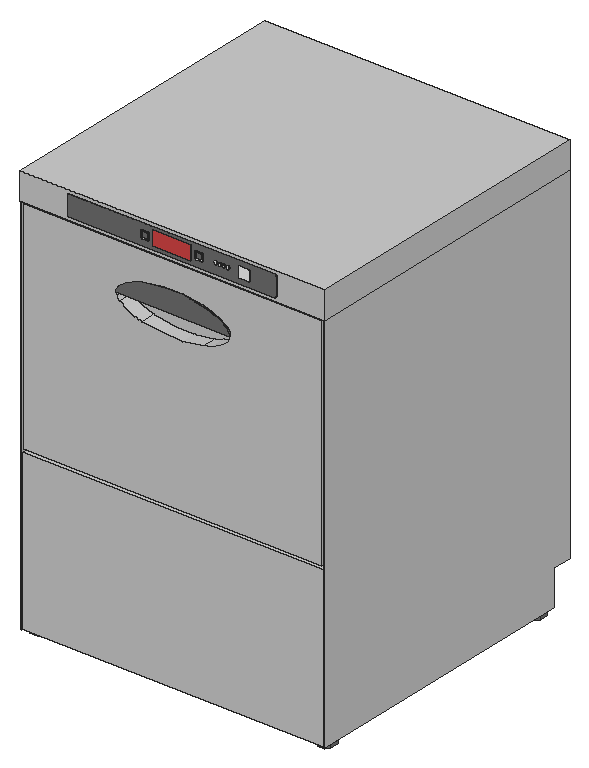
Revit family "QF_COMENDA_6F030X_DDPS_DR_DRDDPS_CAT", category Attrezzature speciali, Revit 2021
Family settings
  Quota connettore circolare = Usa diametro
  Tipo di parte = Normale
  Numero OmniClass = 23.40.40.14
  Titolo OmniClass = Food Service Equipment
  Basato su piano di lavoro = No
  Sempre verticale = Sì
  Taglio con vuoti quando caricato = No
  Condiviso = No
  Punto di calcolo locali = No
Parameters (values of type "6F0304DRDDPS")
  URL catalogo = "https://comenda.eu/wp-content/uploads/2024/02/Scheda-tecnica-PF45-RA-DR_09.08.23_ENG.pdf"
  URL = "www.comenda.eu"
  Tensione = 400 V
  Temperatura raccomandata per acqua calda = 50 °C
  Stand feet kit = no
  Show Logo [instance] = yes
  Show Clearance [instance] = yes
  Protezione contro le sovracorrenti = 16 A
  Prospetto di default = 0 mm
  Profondità = 605 mm
  Pressione minima acqua calda = 2000.0 Pa
  Potenza elettrica = 5450 W
  Peso netto = 58.00 kg
  Numero dei poli = 3
  Keynote = ""
  Modello = "PF45 RA DR+"
  Produttore = "COMENDA"
  Lunghezza = 600 mm
  HEIGHT FROM THE FLOOR = 0 mm
  Frequenza = 50 Hz
  Fase = 3
  Diametro raccordo acqua calda = 3/4"
  Diametro dello scarico diretto di acqua = 1 3/8"
  Descrizione = "MULTIPOWER DOUBLE RACK DISHWASHER WITH RCD, WATER SOFTENER, DRAIN PUMP, DETERGENT DOSING PUMP"
  Corrente di funzionamento normale = 11 A
  Assembly Code = ""
  Base stand with door = no
  Altezza dello scarico diretto acqua da pavimento finito = 55 mm
  Altezza da terra raccordo acqua calda = 55 mm
  Altezza allacciamento elettrico da pavimento finito = 55 mm
  Altezza = 820 mm
Types (15, lengths in mm): name | URL catalogo | Modello | Descrizione
  6F0300 | "" | "PF45" | "MULTIPOWER DISHWASHER"
  6F0301 | "" | "PF45 R" | "MULTIPOWER DISHWASHER WITH RCD"
  6F0304 | "" | "PF45 RA" | "MULTIPOWER DISHWASHER WITH RCD, WATER SOFTENER"
  6F0301DR | "" | "PF45 R DR" | "MULTIPOWER DOUBLE RACK DISHWASHER WITH RCD"
  6F0304DR | "" | "PF45 RA DR" | "MULTIPOWER DOUBLE RACK DISHWASHER WITH RCD AND WATER SOFTENER"
  6F0300DDPS | "https://comenda.eu/wp-content/uploads/2024/02/Scheda-tecnica-PF45-_09.08.23_ENG.pdf" | "PF45+" | "MULTIPOWER DISHWASHER WITH DRAIN PUMP, DETERGENT DOSING PUMP"
  6F0301DDPS | "https://comenda.eu/wp-content/uploads/2024/02/Scheda-tecnica-PF45-R_09.08.23_ENG.pdf" | "PF45 R+" | "MULTIPOWER DISHWASHER WITH RCD, DRAIN PUMP, DETERGENT DOSING PUMP"
  6F0301DRDDPS | "https://comenda.eu/wp-content/uploads/2024/02/Scheda-tecnica-PF45-R-DR_09.08.23_ENG.pdf" | "PF45 R DR+" | "MULTIPOWER DOUBLE RACK DISHWASHER WITH RCD, DRAIN PUMP, DETERGENT DOSING PUMP"
  6F0304DDPS | "https://comenda.eu/wp-content/uploads/2024/02/Scheda-tecnica-PF45-RA_09.08.23_ENG.pdf" | "PF45 RA+" | "MULTIPOWER DISHWASHER WITH RCD, WATER SOFTENER, DRAIN PUMP, DETERGENT DOSING PUMP"
  6F0304DRDDPS | "https://comenda.eu/wp-content/uploads/2024/02/Scheda-tecnica-PF45-RA-DR_09.08.23_ENG.pdf" | "PF45 RA DR+" | "MULTIPOWER DOUBLE RACK DISHWASHER WITH RCD, WATER SOFTENER, DRAIN PUMP, DETERGENT DOSING PUMP"
  6F0300DD | "https://comenda.eu/wp-content/uploads/2024/02/Scheda-tecnica-PF45-DD_09.08.23_ENG.pdf" | "PF45 DD" | "MULTIPOWER DISHWASHER, WITH DETERGENT DOSING PUMP"
  6F0301DD | "https://comenda.eu/wp-content/uploads/2024/02/Scheda-tecnica-PF45-R-DD_09.08.23_ENG.pdf" | "PF45 R DD" | "MULTIPOWER DISHWASHER WITH RCD AND DETERGENT DOSING PUMP"
  6F0304DD | "https://comenda.eu/wp-content/uploads/2024/02/Scheda-tecnica-PF45-RA-DD_09.08.23_ENG.pdf" | "PF45 RA DD" | "MULTIPOWER DISHWASHER WITH RCD, WATER SOFTENER AND DETERGENT DOSING PUMP"
  6F0301DRDD | "https://comenda.eu/wp-content/uploads/2024/02/Scheda-tecnica-PF45-R-DR-DD_09.08.23_ENG.pdf" | "PF45 R DR DD" | "MULTIPOWER DOUBLE RACK DISHWASHER WITH RCD AND"
  6F0304DRDD | "https://comenda.eu/wp-content/uploads/2024/02/Scheda-tecnica-PF45-RA-DR-DD_09.08.23_ENG.pdf" | "PF45 RA DR DD" | "MULTIPOWER DOUBLE RACK DISHWASHER WITH RCD, WATER SOFTENER AND DETERGENT DOSING PUMP"
Reference planes
  plane 1 "Back": y = 0
  plane 2: z = 0
  plane 3 "Left": x = 0
  plane 4 "Right": x = 600
  plane 5 "Front": y = -605
  plane 6 "Top": z = 820
  plane 7: z = 0
Forms (mm)
  Extrusion 1, solid
    sketch origin (-257.829, 107.979, 618.561) x (1, 0, 0) y (0, 0, 1)
      loop
        line (257.829, 201.439) -> (257.829, 147.358) -> (858.727, 147.358) -> (858.727, 201.439) -> (257.829, 201.439)
    from 107.98 to 713
  Extrusion 2, solid
    sketch origin (742.171, 107.979, 620) x (1, 0, 0) y (0, 1, 0)
      loop
        line (-742.171, -147.039) -> (-742.171, -711.973) -> (-739.171, -711.973) -> (-739.171, -681.973) -> (-144.273, -681.973) -> (-144.273, -711.973) -> (-141.273, -711.973) -> (-141.273, -147.039) -> (-742.171, -147.039)
    from -610.796 to 145.919
  Extrusion 3, solid
    sketch origin (742.171, 107.979, 620) x (0, 1, 0) y (0, 0, 1)
      loop
        line (-107.979, -540.411) -> (-107.979, 145.919) -> (-147.039, 145.919) -> (-147.039, -540.411) -> (-107.979, -540.411)
    from -742.171 to -141.273
  Extrusion 4, solid
    sketch origin (-257.829, -573.994, 620) x (1, 0, 0) y (0, 0, 1)
      loop
        line (260.829, -296.827) -> (260.829, -609.294) -> (855.727, -609.294) -> (855.727, -296.827) -> (260.829, -296.827)
    from 0 to 30
  Extrusion 5, solid
    sketch origin (-257.829, -573.994, 938.998) x (1, 0, 0) y (0, 0, 1)
      loop
        line (264.308, -176.045) -> (264.308, -609.294) -> (852.187, -609.294) -> (852.187, -176.045) -> (264.308, -176.045)
      loop
        arc (453.345, -280.295) -> (474.561, -293.732) -> (498.114, -302.445) r 119.651
        arc (498.114, -302.445) -> (558.248, -309.675) -> (618.482, -303.358) r 271.145
        arc (618.482, -303.358) -> (644.105, -294.595) -> (667.101, -280.295) r 119.651
        arc (667.101, -280.295) -> (672.149, -266.86) -> (667.101, -253.424) r 20.403
        arc (667.101, -253.424) -> (644.105, -239.124) -> (618.486, -230.344) r 119.651
        arc (618.486, -230.344) -> (558.248, -224.045) -> (498.114, -231.274) r 271.145
        arc (498.114, -231.274) -> (474.561, -239.987) -> (453.345, -253.424) r 119.651
        arc (453.345, -253.424) -> (448.297, -266.86) -> (453.345, -280.295) r 20.403
    from 0 to 30
  Extrusion 6, solid
    sketch origin (-257.829, 107.979, 620) x (1, 0, 0) y (0, 1, 0)
      loop
        line (260.283, -677.462) -> (260.283, -692.484) -> (267.043, -699.244) -> (282.065, -699.244) -> (288.825, -692.484) -> (288.825, -677.462) -> (282.065, -670.702) -> (267.043, -670.702) -> (260.283, -677.462)
      loop
        line (827.283, -677.462) -> (827.283, -692.484) -> (834.043, -699.244) -> (849.065, -699.244) -> (855.825, -692.484) -> (855.825, -677.462) -> (849.065, -670.702) -> (834.043, -670.702) -> (827.283, -677.462)
      loop
        line (260.283, -160.462) -> (260.283, -175.484) -> (267.043, -182.244) -> (282.065, -182.244) -> (288.825, -175.484) -> (288.825, -160.462) -> (282.065, -153.702) -> (267.043, -153.702) -> (260.283, -160.462)
      loop
        line (827.283, -160.462) -> (827.283, -175.484) -> (834.043, -182.244) -> (849.065, -182.244) -> (855.825, -175.484) -> (855.825, -160.462) -> (849.065, -153.702) -> (834.043, -153.702) -> (827.283, -160.462)
    from -620 to -613.49
  Extrusion 7, solid
    sketch origin (-257.829, 107.979, 620) x (1, 0, 0) y (0, 1, 0)
      loop
        circle (274.554, -684.973) r 4.006
      loop
        circle (841.554, -684.973) r 4.006
      loop
        circle (274.554, -167.973) r 4.006
      loop
        circle (841.554, -167.973) r 4.006
    from -613.49 to -610.796
  Extrusion 8, solid
    sketch origin (-257.829, -603.195, 618.561) x (1, 0, 0) y (0, 0, 1)
      loop
        arc (352.546, 156.439) -> (353.346, 154.507) -> (355.278, 153.707) r 2.732
        line (355.278, 153.707) -> (761.278, 153.707)
        arc (761.278, 153.707) -> (763.21, 154.507) -> (764.01, 156.439) r 2.732
        line (764.01, 156.439) -> (764.01, 192.439)
        arc (764.01, 192.439) -> (763.21, 194.371) -> (761.278, 195.171) r 2.732
        line (761.278, 195.171) -> (355.278, 195.171)
        arc (355.278, 195.171) -> (353.346, 194.371) -> (352.546, 192.439) r 2.732
        line (352.546, 192.439) -> (352.546, 156.439)
    from 0 to 2
  Extrusion 9, solid
    sketch origin (-257.829, -603.395, 618.561) x (1, 0, 0) y (0, 0, 1)
      loop
        line (520.778, 160.439) -> (595.778, 160.439) -> (595.778, 188.439) -> (520.778, 188.439) -> (520.778, 160.439)
    from 0 to 2
  Extrusion 10, solid
    sketch origin (-145.804, -603.395, 618.561) x (1, 0, 0) y (0, 0, 1)
      loop
        arc (579.253, 185.439) -> (577.839, 184.853) -> (577.253, 183.439) r 2
        line (577.253, 183.439) -> (577.253, 165.439)
        arc (577.253, 165.439) -> (577.839, 164.025) -> (579.253, 163.439) r 2
        line (579.253, 163.439) -> (597.253, 163.439)
        arc (597.253, 163.439) -> (598.667, 164.025) -> (599.253, 165.439) r 2
        line (599.253, 165.439) -> (599.253, 183.439)
        arc (599.253, 183.439) -> (598.667, 184.853) -> (597.253, 185.439) r 2
        line (597.253, 185.439) -> (579.253, 185.439)
      loop
        circle (532.753, 174.439) r 3.1
      loop
        circle (540.753, 174.439) r 3.1
      loop
        circle (548.753, 174.439) r 3.1
      loop
        circle (556.753, 174.439) r 3.1
      loop
        line (504.766, 182.439) -> (494.771, 182.439)
        arc (494.771, 182.439) -> (492.637, 181.555) -> (491.753, 179.421) r 3.018
        line (491.753, 179.421) -> (491.753, 169.449)
        arc (491.753, 169.449) -> (492.634, 167.32) -> (494.762, 166.439) r 3.01
        line (494.762, 166.439) -> (504.72, 166.439)
        arc (504.72, 166.439) -> (506.865, 167.327) -> (507.753, 169.471) r 3.033
        line (507.753, 169.471) -> (507.753, 179.452)
        arc (507.753, 179.452) -> (506.878, 181.564) -> (504.766, 182.439) r 2.986
      loop
        line (397.751, 182.439) -> (387.755, 182.439)
        arc (387.755, 182.439) -> (385.621, 181.555) -> (384.737, 179.421) r 3.018
        line (384.737, 179.421) -> (384.737, 169.449)
        arc (384.737, 169.449) -> (385.618, 167.32) -> (387.747, 166.439) r 3.01
        line (387.747, 166.439) -> (397.704, 166.439)
        arc (397.704, 166.439) -> (399.849, 167.327) -> (400.737, 169.471) r 3.033
        line (400.737, 169.471) -> (400.737, 179.452)
        arc (400.737, 179.452) -> (399.862, 181.564) -> (397.751, 182.439) r 2.986
      loop
        arc (387.755, 180.439) -> (387.035, 180.141) -> (386.737, 179.421) r 1.018
        line (386.737, 179.421) -> (386.737, 169.449)
        arc (386.737, 169.449) -> (387.033, 168.735) -> (387.747, 168.439) r 1.01
        line (387.747, 168.439) -> (397.704, 168.439)
        arc (397.704, 168.439) -> (398.434, 168.741) -> (398.737, 169.471) r 1.033
        line (398.737, 169.471) -> (398.737, 179.452)
        arc (398.737, 179.452) -> (398.448, 180.15) -> (397.751, 180.439) r 0.986
        line (397.751, 180.439) -> (387.755, 180.439)
      loop
        arc (494.771, 180.439) -> (494.051, 180.141) -> (493.753, 179.421) r 1.018
        line (493.753, 179.421) -> (493.753, 169.449)
        arc (493.753, 169.449) -> (494.048, 168.735) -> (494.762, 168.439) r 1.01
        line (494.762, 168.439) -> (504.72, 168.439)
        arc (504.72, 168.439) -> (505.45, 168.741) -> (505.753, 169.471) r 1.033
        line (505.753, 169.471) -> (505.753, 179.452)
        arc (505.753, 179.452) -> (505.464, 180.15) -> (504.766, 180.439) r 0.986
        line (504.766, 180.439) -> (494.771, 180.439)
    from 0 to 2
  Extrusion 11, solid, visible <- "Show Clearance", detail levels coarse
    sketch origin (-257.829, 105.979, 620) x (0, 1, 0) y (0, 0, 1)
      loop
        arc (-709.973, 142.704) -> (-1006.416, 12.527) -> (-1120.973, -290.296) r 418
        line (-1120.973, -290.296) -> (-709.973, -290.296) -> (-709.973, 142.704)
    from 264.308 to 852.187
  Extrusion 12, solid
    sketch origin (246, -38.86, 675) x (1, 0, 0) y (0, 0, 1)
      loop
        circle (0, -620) r 17.5
    from 0 to 2
  Extrusion 13, solid
    sketch origin (311, -38.86, 675) x (1, 0, 0) y (0, 0, 1)
      loop
        circle (-10, -620) r 13
    from 0 to 2
  Extrusion 14, solid
    sketch origin (221, -38.86, 675) x (1, 0, 0) y (0, 0, 1)
      loop
        circle (135, -620) r 17.5
    from 0 to 2
  Extrusion 15, solid
    sketch origin (-257.829, -603.994, 938.998) x (1, 0, 0) y (0, 0, 1)
      loop
        line (448.297, -266.86) -> (672.149, -266.86)
        arc (672.149, -266.86) -> (670.845, -259.683) -> (667.101, -253.424) r 20.403
        arc (667.101, -253.424) -> (644.105, -239.124) -> (618.486, -230.344) r 119.651
        arc (618.486, -230.344) -> (558.248, -224.045) -> (498.114, -231.274) r 271.145
        arc (498.114, -231.274) -> (474.561, -239.987) -> (453.345, -253.424) r 119.651
        arc (453.345, -253.424) -> (449.601, -259.683) -> (448.297, -266.86) r 20.403
    from 0 to 2
Cuts and joins
  joined: Extrusion 2, Extrusion 3
Lines and regions (mm)
  symbolic lines, style "200-EquipBorder-2D"
    curve 1: line (0, -0.001, 0) -> (600.898, -0.001, 0)
    curve 2: line (600.898, -0.001, 0) -> (600.898, -603.994, 0)
    curve 3: line (600.898, -603.994, 0) -> (0, -603.994, 0)
    curve 4: line (0, -603.994, 0) -> (0, -0.001, 0)
  symbolic lines, style "QF_Door-Drawer Clearances", visible <- "Show Clearance"
    curve 5: line (6.479, -603.994, 0) -> (6.479, -1015.244, 0)
    curve 6: line (594.358, -1015.244, 0) -> (6.479, -1015.244, 0)
    curve 7: line (594.358, -1015.244, 0) -> (594.358, -603.994, 0)
Dimensions and locks
  plane 3 "Left" to plane 4 "Right" = 600 mm
  plane 5 "Front" to plane 1 "Back" = 605 mm
  plane 6 "Top" to level = 820 mm
  cut or joined group of Extrusion 2, Extrusion 3 to Extrusion 7 sketch curve = 27 mm
  cut or joined group of Extrusion 2, Extrusion 3 to Extrusion 7 sketch curve = 16.725 mm
  "Altezza": plane 6 "Top" to plane 7
  "HEIGHT FROM THE FLOOR": level to plane 7
  locked: plane 7 to cut or joined group of Extrusion 2, Extrusion 3 at 9.204
  locked: cut or joined group of Extrusion 2, Extrusion 3 to cut or joined group of Extrusion 2, Extrusion 3 at 756.715
  locked: Extrusion 1 to cut or joined group of Extrusion 2, Extrusion 3 at 54.081
  locked: Extrusion 6 to Extrusion 6 at 6.51
  locked: Extrusion 7 to Extrusion 7 at 2.694
  aligned and locked: level to plane 2
  aligned and locked: Extrusion 2 to Extrusion 1
  aligned and locked: Extrusion 2 to Extrusion 7
  aligned and locked: Extrusion 7 to Extrusion 6
  aligned and locked: Extrusion 7 to cut or joined group of Extrusion 2, Extrusion 3
  aligned and locked: Extrusion 2 to Extrusion 3
Automatic sketch dimensions
  curve 1 to plane 3 "Left" = 0 mm
  plane 3 "Left" to curve 6 = 6.479 mm
  plane 4 "Right" to curve 6 = 5.642 mm
  plane 1 "Back" to curve 2 = 0.001 mm
  curve 2 to plane 4 "Right" = 0.898 mm
  plane 5 "Front" to curve 2 = 1.006 mm
  curve 7 to plane 5 "Front" = 410.244 mm
  Extrusion 1 sketch curve to plane 3 "Left" = 0 mm
  Extrusion 1 sketch curve to plane 6 "Top" = 0 mm
  Extrusion 1 sketch curve to plane 4 "Right" = 0.898 mm
  Extrusion 1 sketch curve to Extrusion 1 sketch curve = 54.081 mm
  Extrusion 2 sketch curve to plane 3 "Left" = 0 mm
  plane 3 "Left" to Extrusion 2 sketch curve = 3 mm
  plane 4 "Right" to Extrusion 2 sketch curve = 2.102 mm
  Extrusion 2 sketch curve to plane 4 "Right" = 0.898 mm
  plane 5 "Front" to Extrusion 2 sketch curve = 1.006 mm  (x2)
  Extrusion 2 sketch curve to Extrusion 2 sketch curve = 30 mm
  plane 1 "Back" to Extrusion 2 sketch curve = 39.06 mm
  Extrusion 3 sketch curve to plane 1 "Back" = 0 mm
  Extrusion 3 sketch curve to Extrusion 3 sketch curve = 39.06 mm
  Extrusion 3 sketch curve to plane 7 = 79.589 mm
  Extrusion 3 sketch curve to plane 6 "Top" = 54.081 mm
  plane 3 "Left" to Extrusion 4 sketch curve = 3 mm
  plane 4 "Right" to Extrusion 4 sketch curve = 2.102 mm
  Extrusion 4 sketch curve to plane 7 = 10.706 mm
  Extrusion 4 sketch curve to Extrusion 4 sketch curve = 312.467 mm
  plane 3 "Left" to Extrusion 6 sketch curve = 2.454 mm  (x2)
  plane 3 "Left" to Extrusion 6 sketch curve = 9.214 mm  (x4)
  Extrusion 6 sketch curve to Extrusion 6 sketch curve = 15.022 mm  (x12)
  Extrusion 6 sketch curve to Extrusion 6 sketch curve = 6.76 mm  (x18)
  plane 4 "Right" to Extrusion 6 sketch curve = 30.546 mm  (x2)
  plane 4 "Right" to Extrusion 6 sketch curve = 8.764 mm  (x4)
  plane 4 "Right" to Extrusion 6 sketch curve = 2.004 mm  (x2)
  plane 5 "Front" to Extrusion 6 sketch curve = 13.735 mm  (x2)
  plane 1 "Back" to Extrusion 6 sketch curve = 74.265 mm  (x2)
  plane 3 "Left" to Extrusion 7 sketch curve = 16.725 mm
  plane 4 "Right" to Extrusion 7 sketch curve = 16.275 mm  (x2)
  plane 5 "Front" to Extrusion 7 sketch curve = 28.006 mm
  plane 1 "Back" to Extrusion 7 sketch curve = 59.994 mm  (x2)
  plane 3 "Left" to Extrusion 8 sketch curve = 94.717 mm
  Extrusion 8 sketch curve to Extrusion 8 sketch curve = 2.732 mm  (x3)
  plane 4 "Right" to Extrusion 8 sketch curve = 96.551 mm  (x2)
  Extrusion 8 sketch curve to plane 6 "Top" = 47.732 mm
  Extrusion 8 sketch curve to plane 6 "Top" = 9 mm
  Extrusion 9 sketch curve to plane 6 "Top" = 13 mm
  plane 3 "Left" to Extrusion 9 sketch curve = 262.949 mm
  Extrusion 9 sketch curve to Extrusion 9 sketch curve = 75 mm
  Extrusion 9 sketch curve to Extrusion 9 sketch curve = 28 mm
  Extrusion 10 sketch curve to Extrusion 10 sketch curve = 0 mm  (x19)
  Extrusion 10 sketch curve to plane 6 "Top" = 22.018 mm
  plane 3 "Left" to Extrusion 10 sketch curve = 238.933 mm
  Extrusion 10 sketch curve to Extrusion 10 sketch curve = 2 mm  (x5)
  Extrusion 10 sketch curve to Extrusion 10 sketch curve = 1.01 mm  (x2)
  Extrusion 10 sketch curve to Extrusion 10 sketch curve = 1.018 mm  (x2)
  Extrusion 10 sketch curve to Extrusion 10 sketch curve = 9.958 mm  (x2)
  Extrusion 10 sketch curve to Extrusion 10 sketch curve = 0.046 mm
  Extrusion 10 sketch curve to Extrusion 10 sketch curve = 1.033 mm  (x2)
  Extrusion 10 sketch curve to Extrusion 10 sketch curve = 91.016 mm
  Extrusion 10 sketch curve to Extrusion 10 sketch curve = 9.996 mm
  Extrusion 10 sketch curve to Extrusion 10 sketch curve = 25 mm
  Extrusion 10 sketch curve to Extrusion 10 sketch curve = 8 mm  (x3)
  Extrusion 10 sketch curve to plane 6 "Top" = 18 mm
  Extrusion 10 sketch curve to Extrusion 10 sketch curve = 20.5 mm
  Extrusion 10 sketch curve to Extrusion 10 sketch curve = 18 mm  (x3)
  Extrusion 10 sketch curve to plane 6 "Top" = 27 mm
  Extrusion 10 sketch curve to Extrusion 10 sketch curve = 9.981 mm
  Extrusion 10 sketch curve to Extrusion 10 sketch curve = 4.967 mm
  Extrusion 10 sketch curve to Extrusion 10 sketch curve = 9.972 mm
  Extrusion 11 sketch curve to plane 5 "Front" = 409.994 mm
  plane 5 "Front" to Extrusion 11 sketch curve = 1.006 mm
  plane 5 "Front" to Extrusion 11 sketch curve = 7.735 mm
  Extrusion 11 sketch curve to plane 7 = 329.704 mm
  Extrusion 11 sketch curve to Extrusion 11 sketch curve = 15.054 mm
  Extrusion 12 sketch curve to plane 7 = 55 mm
  plane 3 "Left" to Extrusion 12 sketch curve = 246 mm
  Extrusion 13 sketch curve to plane 7 = 55 mm
  plane 4 "Right" to Extrusion 13 sketch curve = 299 mm
  Extrusion 14 sketch curve to plane 7 = 55 mm
  plane 4 "Right" to Extrusion 14 sketch curve = 244 mm
  plane 3 "Left" to Extrusion 5 sketch curve = 6.479 mm
  plane 3 "Left" to Extrusion 5 sketch curve = 210.871 mm
  Extrusion 5 sketch curve to Extrusion 5 sketch curve = 58.922 mm  (x3)
  Extrusion 5 sketch curve to Extrusion 5 sketch curve = 32.72 mm  (x2)
  Extrusion 5 sketch curve to Extrusion 5 sketch curve = 65.203 mm  (x2)
  plane 4 "Right" to Extrusion 5 sketch curve = 5.642 mm
  Extrusion 5 sketch curve to Extrusion 5 sketch curve = 114.112 mm
  Extrusion 5 sketch curve to Extrusion 5 sketch curve = 147.953 mm
  Extrusion 5 sketch curve to Extrusion 5 sketch curve = 0 mm  (x2)
  Extrusion 5 sketch curve to Extrusion 5 sketch curve = 80.37 mm  (x3)
  Extrusion 5 sketch curve to plane 6 "Top" = 57.046 mm
  plane 6 "Top" to Extrusion 5 sketch curve = 80.461 mm
  Extrusion 5 sketch curve to Extrusion 5 sketch curve = 15.355 mm  (x4)
  Extrusion 5 sketch curve to Extrusion 5 sketch curve = 29.414 mm  (x2)
  Extrusion 5 sketch curve to Extrusion 5 sketch curve = 33.264 mm  (x2)
  Extrusion 5 sketch curve to Extrusion 5 sketch curve = 0.004 mm  (x2)
  Extrusion 5 sketch curve to Extrusion 5 sketch curve = 36.516 mm
  Extrusion 5 sketch curve to Extrusion 5 sketch curve = 0.018 mm
  Extrusion 5 sketch curve to plane 6 "Top" = 67.492 mm
  Extrusion 15 sketch curve to Extrusion 5 = 183.989 mm
  Extrusion 15 sketch curve to Extrusion 15 sketch curve = 20.403 mm  (x2)
  Extrusion 15 sketch curve to Extrusion 15 sketch curve = 58.922 mm  (x2)
  Extrusion 15 sketch curve to Extrusion 5 = 114.112 mm
  Extrusion 15 sketch curve to Extrusion 15 sketch curve = 32.72 mm
  Extrusion 15 sketch curve to Extrusion 15 sketch curve = 65.203 mm
  Extrusion 15 sketch curve to Extrusion 5 = 262.065 mm
  Extrusion 15 sketch curve to Extrusion 15 sketch curve = 0 mm
  Extrusion 15 sketch curve to Extrusion 15 sketch curve = 80.37 mm
  Extrusion 15 sketch curve to Extrusion 15 sketch curve = 5.048 mm  (x2)
  Extrusion 15 sketch curve to Extrusion 15 sketch curve = 29.414 mm
  Extrusion 15 sketch curve to Extrusion 15 sketch curve = 33.264 mm
  Extrusion 15 sketch curve to Extrusion 15 sketch curve = 0.004 mm
  radius of Extrusion 7 sketch curve = 4.006 mm  (x4)
  radius of Extrusion 10 sketch curve = 3.1 mm  (x4)
  radius of Extrusion 12 sketch curve = 17.5 mm
  radius of Extrusion 13 sketch curve = 13 mm
  radius of Extrusion 14 sketch curve = 17.5 mm
Connectors
  piping at (246, -38.86, 55), diameter 19.05, driven by "Diametro raccordo acqua calda"
    settings: on Extrusion 12, index 1, connector inside diameter 24", connector length 0 mm, flow factor 0, pipe flow 0.0 L/s, pressure drop 0.0 Pa, fitting loss kfactor 0, connector angle 0.00°, fixture units 0, engagement length 0 mm, angle of deflection 0.00°, flow configuration 1, flow direction 1, fitting loss method 0, system type 19, joint type 0, gender type 0, connector reference index -1, connector utility 0, adjustable connector no, is connector primary yes, connector description "QF_Water Inlet"
  piping at (356, -38.86, 55), diameter 34.925, driven by "Diametro dello scarico diretto di acqua"
    settings: on Extrusion 14, index 2, connector inside diameter 24", connector length 0 mm, flow factor 0, pipe flow 0.0 L/s, pressure drop 0.0 Pa, fitting loss kfactor 0, connector angle 0.00°, fixture units 0, engagement length 0 mm, angle of deflection 0.00°, flow configuration 1, flow direction 2, fitting loss method 0, system type 16, joint type 0, gender type 0, connector reference index -1, connector utility 0, adjustable connector no, is connector primary no, connector description "QF_Drain Connection"
  electrical at (301, -38.86, 55), driven by "Numero dei poli", driven by "Tensione", driven by "Potenza elettrica"
    settings: on Extrusion 13, index 3, voltage 400 V, apparent load 5450 VA, apparent load phase1 0 VA, apparent load phase2 0 VA, apparent load phase3 0 VA, power factor 1, load classification "Other", number of poles 3, system type 30, power factor state 1, is connector primary yes, connector utility no, sub classification motor no, connector description "QF_Electrical Connection"
